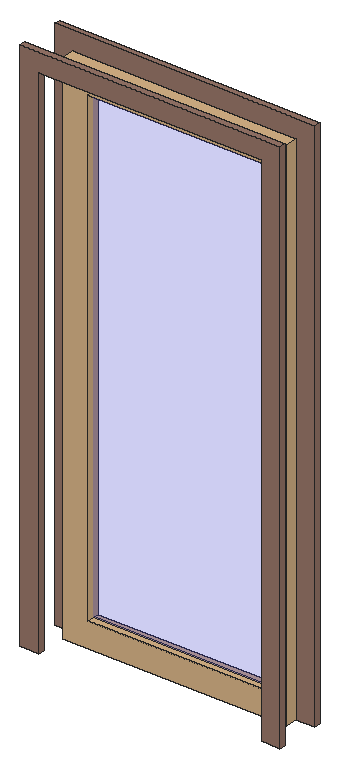
Revit family
Parameters (values of type "0915 x 2134mm")
  Thickness = 51.00 mm
  문 재료 = 문 - 패널
  프레임 재료 = 문 - 프레임
  Height = 2134.00 mm
  난간 폭 - 하단 = 102.00 mm
  난간 폭 - 상단 = 102.00 mm
  선틀 폭 - 힌지 = 102.00 mm
  선틀 폭 - 래치 = 102.00 mm
  자르기 투영 외부 = 25.00 mm
  자르기 투영 내부 = 25.00 mm
  자르기 폭 = 76.00 mm
  Wall Closure = (empty or 0)
  Width = 915.00 mm
Types (7, lengths in mm): name | Height | Width
  0915 x 2134mm | 2134.00 | 915.00
  0864 x 2134mm | 2134.00 | 864.00
  0813 x 2134mm | 2134.00 | 813.00
  0762 x 2134mm | 2134.00 | 762.00
  0762 x 2032mm | 2032.00 | 762.00
  0915 x 2032mm | 2032.00 | 915.00
  0864 x 2032mm | 2032.00 | 864.00
Reference planes
  plane 1: y = 0
  plane 2: z = 0
  plane 3: x = 0
  plane 4: x = -457.5
  plane 5: x = 457.5
  plane 6: z = 2134
  plane 7: y = 53.975
Forms (mm)
  Extrusion 1, solid, material "문 - 패널" <- "문 재료"
    sketch origin (0, 0, 0) x (1, 0, 0) y (0, 0, 1)
      loop
        line (-457.5, 2134) -> (-457.5, 0) -> (457.5, 0) -> (457.5, 2134) -> (-457.5, 2134)
      loop
        line (355.5, 2032) -> (-355.5, 2032) -> (-355.5, 102) -> (355.5, 102) -> (355.5, 2032)
    from -76.2 to -25.2
  Extrusion 2, solid, material "유리"
    sketch origin (0, 0, 0) x (1, 0, 0) y (0, 0, 1)
      loop
        line (355.5, 2032) -> (-355.5, 2032) -> (-355.5, 102) -> (355.5, 102) -> (355.5, 2032)
    from -47.625 to -53.975
  Extrusion 3, solid, material "문 - 프레임" <- "프레임 재료"
    sketch origin (-2145.663, 76.2, 0) x (-1, 0, 0) y (0, 0, 1)
      loop
        line (-2603.163, 0) -> (-2603.163, 2134) -> (-1688.163, 2134) -> (-1688.163, 0) -> (-1612.163, 0) -> (-1612.163, 2210) -> (-2679.163, 2210) -> (-2679.163, 0) -> (-2603.163, 0)
    from 0 to 25
  Extrusion 4, solid, material "문 - 프레임" <- "프레임 재료"
    sketch origin (-2145.663, -76.2, 0) x (1, 0, 0) y (0, 0, 1)
      loop
        line (2603.163, 0) -> (2679.163, 0) -> (2679.163, 2210) -> (1612.163, 2210) -> (1612.163, 0) -> (1688.163, 0) -> (1688.163, 2134) -> (2603.163, 2134) -> (2603.163, 0)
    from 0 to 25
Lines and regions (mm)
  Opening 1
    outline origin (-1524, -76.2, 3657.6) x (0, 0, -1) y (1, 0, 0)
      loop
        line (1523.6, 1066.5) -> (3657.6, 1066.5) -> (3657.6, 1981.5) -> (1523.6, 1981.5) -> (1523.6, 1066.5)
  symbolic lines, style "DoorsPanelProjection"
    curve 1: line (457.5, 76.2, 0) -> (406.5, 76.2, 0)
    curve 2: line (457.5, 76.2, 0) -> (457.5, 178.2, 0)
    curve 3: line (457.5, 991.2, 0) -> (406.5, 991.2, 0)
    curve 4: line (406.5, 76.2, 0) -> (406.5, 178.2, 0)
    curve 10: line (406.5, 889.2, 0) -> (457.5, 889.2, 0)
    curve 11: line (406.5, 178.2, 0) -> (457.5, 178.2, 0)
    curve 13: line (406.5, 889.2, 0) -> (406.5, 991.2, 0)
    curve 14: line (457.5, 889.2, 0) -> (457.5, 991.2, 0)
    curve 15: line (406.5, 178.2, 0) -> (406.5, 889.2, 0)
    curve 16: line (457.5, 178.2, 0) -> (457.5, 889.2, 0)
  symbolic lines, style "평면 스윙"
    curve 5: arc (457.5, 991.2, 0) -> (-189.503, 723.203, 0) -> (-457.5, 76.2, 0) r 915
  symbolic lines, style "DoorsGlassProjection"
    curve 6: line (355.5, 0, 2032) -> (355.5, 0, 102)
    curve 7: line (355.5, 0, 2032) -> (-355.5, 0, 2032)
    curve 8: line (-355.5, 0, 2032) -> (-355.5, 0, 102)
    curve 9: line (355.5, 0, 102) -> (-355.5, 0, 102)
    curve 12: line (432, 889.2, 0) -> (432, 178.2, 0)
  symbolic lines, style "입면도 스윙"
    curve 17: line (-457.5, 0, 2134) -> (457.5, 0, 1067)
    curve 18: line (-457.5, 0, 0) -> (457.5, 0, 1067)
Dimensions and locks
  equal spacing: plane 4, plane 3, plane 5
  "Width": plane 4 to plane 5
  host wall to curve 1 = 0.00 mm
  control icon elem to host wall = 457.20 mm
  control icon elem to plane 5 = 305.10 mm
  "Height": plane 6 to plane 2
  "선틀 폭 - 래치": plane 4 to curve 8
  "선틀 폭 - 힌지": curve 6 to plane 5
  "난간 폭 - 상단": plane 6 to curve 7
  "난간 폭 - 하단": curve 9 to plane 2
  "선틀 폭 - 래치": curve 10 to curve 3
  "선틀 폭 - 힌지": curve 1 to curve 11
  "Width": curve 3 to host wall
  "자르기 폭": Extrusion 3 sketch curve to Extrusion 1  (x3)
  "자르기 폭": plane 4 to Extrusion 4 sketch curve
  "자르기 폭": plane 5 to Extrusion 4 sketch curve
  "자르기 폭": plane 6 to Extrusion 4 sketch curve
  "자르기 투영 내부": Extrusion 4 to Extrusion 4
  locked: host wall to Extrusion 3
  locked: host wall to Extrusion 1
  "Thickness": curve 15 to plane 5
  equal spacing: curve 15, curve 12, plane 5
  "Thickness": Extrusion 1 to host wall
  "자르기 투영 외부": Extrusion 3 to host wall
  locked: host wall to plane 7 at 22.225
  locked: Extrusion 2 to Extrusion 2 at 6.35
  equal spacing: level, curve 18, plane 6
  aligned and locked: curve 7 to Extrusion 1 sketch curve
  aligned and locked: curve 6 to Extrusion 1 sketch curve
  aligned and locked: Extrusion 1 sketch curve to curve 7
  aligned and locked: Extrusion 1 sketch curve to curve 6
  aligned and locked: curve 7 to Extrusion 2 sketch curve
  aligned and locked: curve 6 to Extrusion 2 sketch curve
  aligned and locked: Extrusion 2 sketch curve to curve 7
  aligned and locked: Extrusion 2 sketch curve to curve 6
  aligned and locked: host wall to Extrusion 1  (x3)
  aligned and locked: Extrusion 3 sketch curve to curve 1
  aligned and locked: plane 6 to Extrusion 3 sketch curve
  aligned and locked: Extrusion 3 sketch curve to plane 2
  aligned and locked: plane 2 to Extrusion 3 sketch curve
  aligned and locked: plane 5 to Extrusion 3 sketch curve
  aligned and locked: Extrusion 3 to host wall  (x3)
  aligned and locked: Extrusion 4 sketch curve to curve 1
  aligned and locked: plane 6 to Extrusion 4 sketch curve
  aligned and locked: plane 2 to Extrusion 4 sketch curve  (x2)
  aligned and locked: level to Extrusion 4 sketch curve
  aligned and locked: Extrusion 4 to host wall
  aligned and locked: curve 4 to curve 13
  aligned and locked: plane 5 to curve 16
  aligned and locked: curve 2 to plane 5
  aligned and locked: Extrusion 3 sketch curve to Extrusion 1
  aligned and locked: Extrusion 4 sketch curve to Extrusion 1
  aligned and locked: Extrusion 1 to Extrusion 4 sketch curve
  aligned and locked: Extrusion 2 to plane 7
Automatic sketch dimensions
  Opening 1 sketch curve to plane 6 = 0.00 mm
  Opening 1 sketch curve to level = 0.00 mm
  Opening 1 sketch curve to plane 4 = 0.00 mm
  Opening 1 sketch curve to plane 5 = 0.00 mm
  Extrusion 1 sketch curve to plane 4 = 0.00 mm
  Extrusion 1 sketch curve to plane 5 = 0.00 mm
  Extrusion 1 sketch curve to level = 0.00 mm
  Extrusion 1 sketch curve to plane 6 = 0.00 mm
  Extrusion 4 sketch curve to plane 5 = 0.00 mm
  curve 5 to plane 4 = 0.00 mm
  curve 17 to plane 4 = 0.00 mm
  curve 17 to plane 6 = 0.00 mm
  curve 17 to plane 5 = 0.00 mm
  curve 18 to level = 0.00 mm
  curve 18 to plane 4 = 0.00 mm
